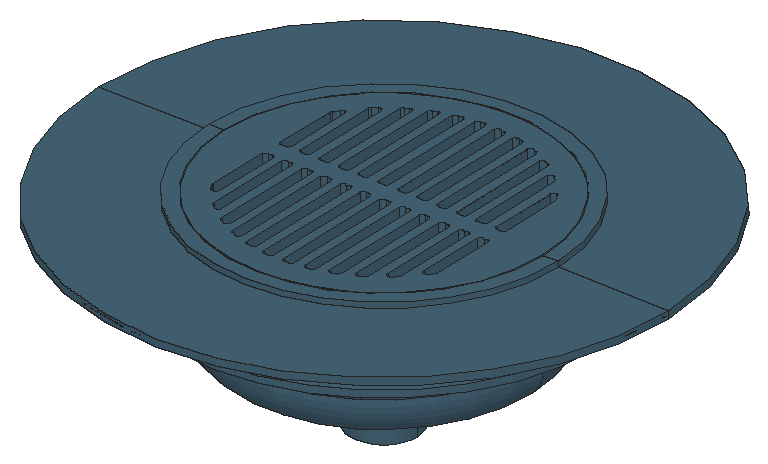
Revit family "Drain_Wide_Flange_12_Inch-Zurn-Z532-Heavy-Duty", category Plumbing Fixtures, Revit 2022
Family settings
  Round Connector Dimension = Use Radius
  Part Type = Normal
  OmniClass Number = 23.70.50.21.24.14
  OmniClass Title = Deck Waste Water Drains
  Work Plane-Based = No
  Always vertical = Yes
  Cut with Voids When Loaded = No
  Maintain Annotation Orientation = No
  Shared = No
  Room Calculation Point = No
Parameters (values of type "Load Family Type Catalog")
  ZN-TOP = no
  Waste Connection = 0 = 0  # yes
  WFU = 1  # constant formula
  Vent Connection = 0 = 1  # no
  URL = "www.zurn.com"
  Type Comments = "Z532-2 Inch-No-Hub Outlet"
  Top Diameter Width = 20.000"
  Top Diameter Inner = 12.250"
  Top Diameter = 9.000"
  Product data url = "https://www.bimobject.com/en/zurnindustries/product/zurn-z532"
  Product Page URL = "https://www.zurn.com/products/drainage-interceptors/floor-drains/finish-floor-drains/z532"
  Product Documentation Link = "https://files.zurn.com/spec-sheets/z532.pdf"
  Frame Dimension = 2.000"
  Frame And Grate = Iron - Zurn - Cast - Painted - Blue
  A_ Pipe Size (Nominal) = 2.000"
  A_ Pipe Size (Actual-Outer) = 2.375"
  Connector Radius = [A_ Pipe Size (Nominal)] / 2  # 1.000"
  Modified Date = "12/19/2025"  # constant formula
  Model = "Z532"
  Manufacurer Brand = "Zurn"  # constant formula
  Manufacturer = "Zurn Water, LLC"  # constant formula
  Body Height_E = 5.250"
  HWFU = 0  # constant formula
  HW Connection = 0 = 1  # no
  Grate Open Area Sq.in = 30.000"  # constant formula
  Description = "12-1/4 [311] DIAMETER WIDE FLANGE HEAVY-DUTY FLOOR DRAIN"  # constant formula
  Default Elevation = 25.000"  # constant formula
  Date Created = "11/13/2018"  # constant formula
  CWFU = 0  # constant formula
  Main Material = Iron - Zurn - Cast - Painted - Blue
  CW Connection = 0 = 1  # no
  Assembly Code = "D2030300"
  Approx. Weight (Lbs) = 54.000"  # constant formula
  A_ Pipe Size (Actual-Inner) = 2.067"
Reference planes (in)
  plane 1 "Center (Front/Back)": y = 0
  plane 2: z = 0
  plane 3 "Center (Left/Right)": x = 0
  plane 4: z = -2
  plane 5: z = -7.25
  plane 6: x = -1.1875
  plane 7: x = 1.1875
  plane 8: z = -4.8125
  plane 9: z = -0.188
  plane 10: z = -4.5625
  plane 11: x = -10
  plane 12: x = 10
  plane 13: x = -7.5
  plane 14: x = 7.5
  plane 15: x = -6.125
  plane 16: x = 6.125
  plane 17: z = -3.35529
  plane 18: z = -3.02595
  plane 19: z = -2.46001
  plane 20: z = -2.23662
  plane 21: through (5.47754, -180, -2.12679) normal (0.9943, 0, -0.107)
  plane 22: through (5.72663, -180, -2.64965) normal (0.9844, 0, -0.176)
  plane 23: z = -2.23662
  plane 24: x = 7.17104
  plane 25: x = 7.28267
  plane 26: z = 0
  plane 27: x = 5.40794
  plane 28: x = 5.625
  plane 29: z = -0.64246
  plane 30: through (5.85328, -180, -0.44885) normal (0.9997, 0, -0.0244)
  plane 31: through (6.3004, -180, -0.85449) normal (-0.0767, 0, 0.9971)
  plane 32: through (9.57691, -180, -0.69928) normal (-0.6812, 0, 0.7321)
  plane 33: z = -0.44885
  plane 34: y = 10
  plane 35: y = -10
  plane 36: y = -6.125
  plane 37: y = 6.125
  plane 38: x = -5.59375
  plane 39: x = 5.59375
  plane 40: y = 5.59375
  plane 41: y = -5.59375
  plane 42: y = 1.1875
  plane 43: y = -1.1875
  plane 44: y = 3.72917
  plane 45: y = 1.86458
  plane 46: y = -1.86458
  plane 47: y = -3.72917
  plane 48: x = -3.72917
  plane 49: x = -1.86458
  plane 50: x = 1.86458
  plane 51: x = 3.72917
Forms (in)
  Extrusion 1, solid, material "Iron - Zurn - Cast - Painted - Blue" <- "Main Material", detail levels fine
    sketch origin (0, 0, 0) x (1, 0, 0) y (0, 1, 0)
      loop
        circle (0, 0) r 1.1875
    from -7.25 to -4.8125
  Extrusion 2, void, detail levels fine
    sketch origin (0, 0, 0) x (0, 1, 0) y (1, 0, 0)
      loop
        circle (0, 0) r 1.0335
    from 4.8125 to 7.25
  Revolve 3, solid, material "Iron - Zurn - Cast - Painted - Blue" <- "Main Material", detail levels fine
    sketch origin (0, 0, 0) x (1, 0, 0) y (0, 0, 1)
      loop
        line (6.15081, -2.46001) -> (7.28267, -2.23662) -> (7.5, -2.23662) -> (7.5, -2) -> (7.17104, -2) -> (6.00188, -2.23662) -> (5.46573, -2.23662) -> (5.34539, -3.35529)
        arc (5.34539, -3.35529) -> (5.13148, -4.19369) -> (4.34875, -4.5625) r 1.015
        line (4.34875, -4.5625) -> (1.1875, -4.5625) -> (1.1875, -4.8125) -> (4.34875, -4.8125)
        arc (4.34875, -4.8125) -> (5.30482, -4.37496) -> (5.59863, -3.36541) r 1.26331
        line (5.59863, -3.36541) -> (5.65934, -3.02595)
        arc (5.65934, -3.02595) -> (5.81441, -2.66424) -> (6.15081, -2.46001) r 0.64488
      axis (0, -2) -> (0, -4.8125)
    angle from 0 to 360
  Revolve 4, solid, material "Iron - Zurn - Cast - Painted - Blue" <- "Main Material", detail levels fine
    sketch origin (0, 0, 0) x (1, 0, 0) y (0, 0, 1)
      loop
        line (6.125, -0.188) -> (6.125, 0) -> (5.625, 0) -> (5.625, -0.64246) -> (5.40794, -0.64246) -> (5.40794, -2.25091) -> (5.80933, -2.25091) -> (5.83984, -0.99989)
        arc (5.83984, -0.99989) -> (5.87474, -0.91565) -> (5.95898, -0.88075) r 0.11914
        line (5.95898, -0.88075) -> (9.69036, -0.59372) -> (9.84606, -0.44885) -> (10, -0.44885) -> (10, -0.188) -> (6.125, -0.188)
      axis (0, 0) -> (0, -2.25091)
    angle from 0 to 360
Cuts and joins
  Extrusion 2 cuts Extrusion 1
Lines and regions (in)
  Masking region 1, detail levels fine
    outline origin (0, 0, 0) x (1, 0, 0) y (0, 1, 0)
      loop
        circle (0, 0) r 10
  model lines, detail levels coarse+medium
    curve 1: line (0, 0, 0) -> (0, 0, -7.25)
    curve 2: line (-1.1875, 0, -7.25) -> (1.1875, 0, -7.25)
    curve 3: line (0, 1.1875, -7.25) -> (0, -1.1875, -7.25)
    curve 4: circle (0, 0, 0) r 6.125 normal (0, 0, 1)
    curve 5: circle (0, 0, 0) r 5.59375 normal (0, 0, 1)
    curve 6: line (-4.16934, 3.72917, 0) -> (4.16934, 3.72917, 0)
    curve 7: line (-5.27384, 1.86458, 0) -> (5.27384, 1.86458, 0)
    curve 8: line (-5.59375, 0, 0) -> (5.59375, 0, 0)
    curve 9: line (-5.27384, -1.86458, 0) -> (5.27384, -1.86458, 0)
    curve 10: line (-4.16934, -3.72917, 0) -> (4.16934, -3.72917, 0)
    curve 11: line (-3.72917, 4.16934, 0) -> (-3.72917, -4.16934, 0)
    curve 12: line (-1.86458, 5.27384, 0) -> (-1.86458, -5.27384, 0)
    curve 13: line (0, 5.59375, 0) -> (0, -5.59375, 0)
    curve 14: line (1.86458, 5.27384, 0) -> (1.86458, -5.27384, 0)
    curve 15: line (3.72917, 4.16934, 0) -> (3.72917, -4.16934, 0)
Dimensions and locks (in)
  "Frame Dimension": level to plane 4
  "Body Height_E": plane 4 to plane 5
  equal spacing: plane 7, plane 3 "Center (Left/Right)", plane 6
  "A_ Pipe Size (Actual-Outer)": plane 7 to plane 6
  plane 8 to plane 5 = 2.4375"
  locked: plane 4 to plane 8 at 2.8125
  plane 10 to plane 8 = 0.250"
  equal spacing: plane 12, plane 3 "Center (Left/Right)", plane 11
  "Top Diameter Width": plane 12 to plane 11
  equal spacing: plane 14, plane 3 "Center (Left/Right)", plane 13
  plane 14 to plane 13 = 15.000"
  equal spacing: plane 16, plane 3 "Center (Left/Right)", plane 15
  "Top Diameter Inner": plane 16 to plane 15
  plane 14 to plane 25 = 0.21733"
  plane 25 to plane 24 = 0.11163"
  plane 4 to plane 23 = 0.23662"
  plane 26 to plane 4 = 2.000"
  plane 16 to plane 28 = 0.500"
  plane 26 to plane 9 = 0.188"
  equal spacing: plane 34, plane 1 "Center (Front/Back)", plane 35
  plane 34 to plane 35 = 20.000"
  equal spacing: plane 37, plane 1 "Center (Front/Back)", plane 36
  "Top Diameter Inner": plane 37 to plane 36
  plane 15 to plane 16 = 12.250"
  equal spacing: plane 38, plane 3 "Center (Left/Right)", plane 39
  plane 38 to plane 39 = 11.1875"
  equal spacing: plane 40, plane 1 "Center (Front/Back)", plane 41
  plane 40 to plane 41 = 11.1875"
  equal spacing: plane 42, plane 1 "Center (Front/Back)", plane 43
  "A_ Pipe Size (Actual-Outer)": plane 42 to plane 43
  plane 40 to plane 44 to plane 45 to plane 1 "Center (Front/Back)" to plane 46 to plane 47 to plane 41 = 1.86458", 1.86458", 1.86458", 1.86458", 1.86458", 1.86458"
  plane 38 to plane 48 to plane 49 to plane 3 "Center (Left/Right)" to plane 50 to plane 51 to plane 39 = 1.86458", 1.86458", 1.86458", 1.86458", 1.86458", 1.86458"
  "A_ Pipe Size (Actual-Outer)": diameter of Extrusion 1 sketch curve
  "A_ Pipe Size (Actual-Inner)": diameter of Extrusion 2 sketch curve
  aligned and locked: plane 2 to level
  aligned and locked: plane 3 "Center (Left/Right)" to Extrusion 1 sketch curve
  aligned and locked: plane 1 "Center (Front/Back)" to Extrusion 1 sketch curve
  aligned and locked: Extrusion 1 to plane 5
  aligned and locked: plane 8 to Extrusion 1
  aligned and locked: plane 3 "Center (Left/Right)" to Extrusion 2 sketch curve
  aligned and locked: plane 1 "Center (Front/Back)" to Extrusion 2 sketch curve
  aligned and locked: plane 8 to Extrusion 2
  aligned and locked: Extrusion 2 to plane 5
  aligned and locked: level to curve 1
  aligned and locked: plane 5 to curve 1
  aligned and locked: curve 1 to plane 3 "Center (Left/Right)"
  aligned and locked: plane 6 to curve 2
  aligned and locked: plane 7 to curve 2
  aligned and locked: curve 2 to plane 5
  aligned and locked: curve 3 to plane 5
  aligned and locked: plane 8 to cut or joined group of Extrusion 1, Extrusion 2
  aligned and locked: cut or joined group of Extrusion 1, Extrusion 2 to plane 5
  aligned and locked: Revolve 3 sketch curve to plane 8
  aligned and locked: plane 10 to Revolve 3 sketch curve
  aligned and locked: Revolve 3 sketch curve to plane 7
  aligned and locked: Revolve 3 sketch curve to plane 3 "Center (Left/Right)"
  aligned and locked: plane 14 to Revolve 3 sketch curve
  aligned and locked: plane 17 to Revolve 3 sketch curve
  aligned and locked: plane 18 to Revolve 3 sketch curve
  aligned and locked: plane 19 to Revolve 3 sketch curve
  aligned and locked: plane 20 to Revolve 3 sketch curve  (x2)
  aligned and locked: plane 21 to Revolve 3 sketch curve
  aligned and locked: plane 22 to Revolve 3 sketch curve
  aligned and locked: plane 23 to Revolve 3 sketch curve
  aligned and locked: plane 4 to Revolve 3 sketch curve
  aligned and locked: plane 24 to Revolve 3 sketch curve
  aligned and locked: plane 25 to Revolve 3 sketch curve
  aligned and locked: plane 12 to Revolve 4 sketch curve
  aligned and locked: plane 9 to Revolve 4 sketch curve
  aligned and locked: plane 26 to Revolve 4 sketch curve
  aligned and locked: plane 28 to Revolve 4 sketch curve
  aligned and locked: plane 27 to Revolve 4 sketch curve
  aligned and locked: plane 16 to Revolve 4 sketch curve
  aligned and locked: plane 29 to Revolve 4 sketch curve
  aligned and locked: Revolve 4 sketch curve to plane 28
  aligned and locked: plane 30 to Revolve 4 sketch curve
  aligned and locked: plane 31 to Revolve 4 sketch curve
  aligned and locked: plane 32 to Revolve 4 sketch curve
  aligned and locked: plane 33 to Revolve 4 sketch curve
  aligned and locked: plane 1 "Center (Front/Back)" to nested 1
  aligned and locked: plane 3 "Center (Left/Right)" to nested 1
  aligned and locked: plane 42 to curve 3
  aligned and locked: plane 43 to curve 3
  aligned and locked: plane 3 "Center (Left/Right)" to curve 4
  aligned and locked: plane 1 "Center (Front/Back)" to curve 4
  aligned and locked: curve 4 to level
  aligned and locked: plane 3 "Center (Left/Right)" to curve 5
  aligned and locked: plane 1 "Center (Front/Back)" to curve 5
  aligned and locked: curve 6 to plane 44
  aligned and locked: curve 7 to plane 45
  aligned and locked: plane 1 "Center (Front/Back)" to curve 8
  aligned and locked: curve 9 to plane 46
  aligned and locked: curve 10 to plane 47
  aligned and locked: curve 11 to plane 48
  aligned and locked: curve 12 to plane 49
  aligned and locked: curve 13 to plane 3 "Center (Left/Right)"
  aligned and locked: curve 14 to plane 50
  aligned and locked: curve 15 to plane 51
  aligned and locked: plane 3 "Center (Left/Right)" to Masking region 1 sketch curve
  aligned and locked: plane 1 "Center (Front/Back)" to Masking region 1 sketch curve
Automatic sketch dimensions
  Revolve 3 sketch curve to plane 16 = 1.77625"
  Revolve 3 sketch curve to Revolve 3 sketch curve = 0.000"
  Revolve 3 sketch curve to plane 17 = 0.01012"
  plane 16 to Revolve 3 sketch curve = 0.02581"
  Revolve 3 sketch curve to plane 18 = 0.06114"
  Revolve 3 sketch curve to plane 16 = 0.12312"
  Revolve 3 sketch curve to plane 5 = 7.48662"
  level to Revolve 3 sketch curve = 4.01338"
  Revolve 4 sketch curve to plane 3 "Center (Left/Right)" = 0.000"
  Revolve 4 sketch curve to plane 16 = 0.16602"
  Revolve 4 sketch curve to plane 4 = 0.25091"
  plane 5 to Revolve 4 sketch curve = 0.73304"
  level to Revolve 4 sketch curve = 4.23304"
  curve 8 to plane 38 = 0.000"
  radius of curve 4 = 6.125"
  radius of Masking region 1 sketch curve = 10.000"
Nested families (in)
  nested 1: "Grate" at (0, 0, 0), Grate <- "Frame And Grate", type "Grate", detail levels fine
    with Grate Iron - Zurn - Cast - Painted - Blue
Connectors (in)
  piping at (0, 0, -7.25), diameter 2, driven by "Connector Radius", driven by "Waste Connection"
    settings: on cut or joined group of Extrusion 1, Extrusion 2, index 1, connector inside diameter 24", connector length 0.000", flow factor 0, pipe flow 0 GPM, pressure drop 0.00 psi, fitting loss kfactor 0, connector angle 0.00°, fixture units 0, engagement length 0.000", angle of deflection 0.00°, flow configuration 0, flow direction 2, fitting loss method 0, system type 16, joint type 0, gender type 0, connector reference index -1, connector utility 1, adjustable connector no, is connector primary yes, connector description "Outlet Connection"
Definition of nested family "Grate"
  Parameters (values of type "Grate")
    URL = "www.zurn.com"
    Product data url = ""
    Product Page URL = ""
    Product Installation Sheet URL = ""
    Product Documentation Link = ""
    Modified Date = ""
    Manufacurer Brand = "Zurn"  # constant formula
    Manufacturer = "Zurn Water, LLC"  # constant formula
    Grate [instance] = none
    Default Elevation = 0.000"
    Date Created = ""
    Approx. Weight (Lbs) = 0.000"
  Reference planes (in)
    plane 1 "Center (Front/Back)": y = 0
    plane 2: z = 0
    plane 3 "Center (Left/Right)": x = 0
    plane 4: x = -5.59375
    plane 5: x = 5.59375
    plane 6: y = 5.59375
    plane 7: y = -5.59375
    plane 8: z = -0.625
  Forms (in)
    Extrusion 1, solid, material <- "Grate"
      sketch origin (0, 0, 0) x (1, 0, 0) y (0, 1, 0)
        loop
          circle (0, 0) r 5.59375
      from 0 to -0.625
    Extrusion 2, void
      sketch origin (0, 0, 0) x (1, 0, 0) y (0, 1, 0)
        loop
          arc (-3.96485, 0.44111) -> (-3.92829, 0.35285) -> (-3.84002, 0.31628) r 0.12483
          line (-3.84002, 0.31628) -> (-3.70779, 0.31628)
          arc (-3.70779, 0.31628) -> (-3.61952, 0.35285) -> (-3.58296, 0.44111) r 0.12483
          line (-3.58296, 0.44111) -> (-3.58296, 2.76801)
          arc (-3.58296, 2.76801) -> (-3.66813, 2.88656) -> (-3.80765, 2.84367) r 0.12508
          line (-3.80765, 2.84367) -> (-3.9433, 2.64994)
          arc (-3.9433, 2.64994) -> (-3.95934, 2.61687) -> (-3.96485, 2.58053) r 0.12256
          line (-3.96485, 2.58053) -> (-3.96485, 0.44111)
        loop
          arc (-3.27735, 0.44111) -> (-3.24079, 0.35285) -> (-3.15252, 0.31628) r 0.12483
          line (-3.15252, 0.31628) -> (-3.02029, 0.31628)
          arc (-3.02029, 0.31628) -> (-2.93202, 0.35285) -> (-2.89546, 0.44111) r 0.12483
          line (-2.89546, 0.44111) -> (-2.89546, 3.50831)
          arc (-2.89546, 3.50831) -> (-2.96945, 3.6223) -> (-3.10369, 3.60112) r 0.1248
          line (-3.10369, 3.60112) -> (-3.23777, 3.48059)
          arc (-3.23777, 3.48059) -> (-3.26703, 3.43913) -> (-3.27735, 3.38944) r 0.12472
          line (-3.27735, 3.38944) -> (-3.27735, 0.44111)
        loop
          arc (-2.58985, 0.44111) -> (-2.55329, 0.35285) -> (-2.46502, 0.31628) r 0.12483
          line (-2.46502, 0.31628) -> (-2.33279, 0.31628)
          arc (-2.33279, 0.31628) -> (-2.24452, 0.35285) -> (-2.20796, 0.44111) r 0.12483
          line (-2.20796, 0.44111) -> (-2.20796, 4.00071)
          arc (-2.20796, 4.00071) -> (-2.27066, 4.10897) -> (-2.39577, 4.10844) r 0.1248
          line (-2.39577, 4.10844) -> (-2.53139, 4.02528)
          arc (-2.53139, 4.02528) -> (-2.57425, 3.98034) -> (-2.58985, 3.92022) r 0.12364
          line (-2.58985, 3.92022) -> (-2.58985, 0.44111)
        loop
          arc (-1.90235, 0.44111) -> (-1.86579, 0.35285) -> (-1.77752, 0.31628) r 0.12483
          line (-1.77752, 0.31628) -> (-1.64529, 0.31628)
          arc (-1.64529, 0.31628) -> (-1.55702, 0.35285) -> (-1.52046, 0.44111) r 0.12483
          line (-1.52046, 0.44111) -> (-1.52046, 4.33076)
          arc (-1.52046, 4.33076) -> (-1.57422, 4.43337) -> (-1.68919, 4.44757) r 0.1248
          line (-1.68919, 4.44757) -> (-1.82554, 4.39248)
          arc (-1.82554, 4.39248) -> (-1.88137, 4.34686) -> (-1.90235, 4.27787) r 0.12391
          line (-1.90235, 4.27787) -> (-1.90235, 0.44111)
        loop
          arc (-1.21485, 0.44111) -> (-1.17829, 0.35285) -> (-1.09002, 0.31628) r 0.12483
          line (-1.09002, 0.31628) -> (-0.95779, 0.31628)
          arc (-0.95779, 0.31628) -> (-0.86952, 0.35285) -> (-0.83296, 0.44111) r 0.12483
          line (-0.83296, 0.44111) -> (-0.83296, 4.53411)
          arc (-0.83296, 4.53411) -> (-0.87931, 4.63117) -> (-0.98393, 4.65613) r 0.1248
          line (-0.98393, 4.65613) -> (-1.11971, 4.62479)
          arc (-1.11971, 4.62479) -> (-1.18821, 4.58081) -> (-1.21485, 4.50388) r 0.12439
          line (-1.21485, 4.50388) -> (-1.21485, 0.44111)
        loop
          arc (-0.52735, 0.44111) -> (-0.49079, 0.35285) -> (-0.40252, 0.31628) r 0.12483
          line (-0.40252, 0.31628) -> (-0.27029, 0.31628)
          arc (-0.27029, 0.31628) -> (-0.18202, 0.35285) -> (-0.14546, 0.44111) r 0.12483
          line (-0.14546, 0.44111) -> (-0.14546, 4.62752)
          arc (-0.14546, 4.62752) -> (-0.18471, 4.71838) -> (-0.27778, 4.75209) r 0.1248
          line (-0.27778, 4.75209) -> (-0.4134, 4.74172)
          arc (-0.4134, 4.74172) -> (-0.49454, 4.70189) -> (-0.52735, 4.61767) r 0.12451
          line (-0.52735, 4.61767) -> (-0.52735, 0.44111)
        loop
          line (-3.96485, -0.41043) -> (-3.96485, -2.54984)
          arc (-3.96485, -2.54984) -> (-3.95934, -2.58618) -> (-3.9433, -2.61925) r 0.12256
          line (-3.9433, -2.61925) -> (-3.80765, -2.81298)
          arc (-3.80765, -2.81298) -> (-3.66813, -2.85587) -> (-3.58296, -2.73732) r 0.12508
          line (-3.58296, -2.73732) -> (-3.58296, -0.41043)
          arc (-3.58296, -0.41043) -> (-3.61952, -0.32216) -> (-3.70779, -0.2856) r 0.12483
          line (-3.70779, -0.2856) -> (-3.84002, -0.2856)
          arc (-3.84002, -0.2856) -> (-3.92829, -0.32216) -> (-3.96485, -0.41043) r 0.12483
        loop
          line (-1.90235, -0.41043) -> (-1.90235, -4.24718)
          arc (-1.90235, -4.24718) -> (-1.88137, -4.31617) -> (-1.82554, -4.3618) r 0.12391
          line (-1.82554, -4.3618) -> (-1.68919, -4.41688)
          arc (-1.68919, -4.41688) -> (-1.57422, -4.40268) -> (-1.52046, -4.30007) r 0.1248
          line (-1.52046, -4.30007) -> (-1.52046, -0.41043)
          arc (-1.52046, -0.41043) -> (-1.55702, -0.32216) -> (-1.64529, -0.2856) r 0.12483
          line (-1.64529, -0.2856) -> (-1.77752, -0.2856)
          arc (-1.77752, -0.2856) -> (-1.86579, -0.32216) -> (-1.90235, -0.41043) r 0.12483
        loop
          line (-1.21485, -0.41043) -> (-1.21485, -4.4732)
          arc (-1.21485, -4.4732) -> (-1.18821, -4.55012) -> (-1.11971, -4.5941) r 0.12439
          line (-1.11971, -4.5941) -> (-0.98393, -4.62545)
          arc (-0.98393, -4.62545) -> (-0.87931, -4.60048) -> (-0.83296, -4.50342) r 0.1248
          line (-0.83296, -4.50342) -> (-0.83296, -0.41043)
          arc (-0.83296, -0.41043) -> (-0.86952, -0.32216) -> (-0.95779, -0.2856) r 0.12483
          line (-0.95779, -0.2856) -> (-1.09002, -0.2856)
          arc (-1.09002, -0.2856) -> (-1.17829, -0.32216) -> (-1.21485, -0.41043) r 0.12483
        loop
          line (-0.52735, -0.41043) -> (-0.52735, -4.58698)
          arc (-0.52735, -4.58698) -> (-0.49454, -4.6712) -> (-0.4134, -4.71104) r 0.12451
          line (-0.4134, -4.71104) -> (-0.27778, -4.7214)
          arc (-0.27778, -4.7214) -> (-0.18471, -4.6877) -> (-0.14546, -4.59683) r 0.1248
          line (-0.14546, -4.59683) -> (-0.14546, -0.41043)
          arc (-0.14546, -0.41043) -> (-0.18202, -0.32216) -> (-0.27029, -0.2856) r 0.12483
          line (-0.27029, -0.2856) -> (-0.40252, -0.2856)
          arc (-0.40252, -0.2856) -> (-0.49079, -0.32216) -> (-0.52735, -0.41043) r 0.12483
        loop
          line (-3.27735, -0.41043) -> (-3.27735, -3.35875)
          arc (-3.27735, -3.35875) -> (-3.26703, -3.40844) -> (-3.23777, -3.4499) r 0.12472
          line (-3.23777, -3.4499) -> (-3.10369, -3.57043)
          arc (-3.10369, -3.57043) -> (-2.96945, -3.59161) -> (-2.89546, -3.47762) r 0.1248
          line (-2.89546, -3.47762) -> (-2.89546, -0.41043)
          arc (-2.89546, -0.41043) -> (-2.93202, -0.32216) -> (-3.02029, -0.2856) r 0.12483
          line (-3.02029, -0.2856) -> (-3.15252, -0.2856)
          arc (-3.15252, -0.2856) -> (-3.24079, -0.32216) -> (-3.27735, -0.41043) r 0.12483
        loop
          line (-2.58985, -0.41043) -> (-2.58985, -3.88954)
          arc (-2.58985, -3.88954) -> (-2.57425, -3.94965) -> (-2.53139, -3.9946) r 0.12364
          line (-2.53139, -3.9946) -> (-2.39577, -4.07775)
          arc (-2.39577, -4.07775) -> (-2.27066, -4.07828) -> (-2.20796, -3.97003) r 0.1248
          line (-2.20796, -3.97003) -> (-2.20796, -0.41043)
          arc (-2.20796, -0.41043) -> (-2.24452, -0.32216) -> (-2.33279, -0.2856) r 0.12483
          line (-2.33279, -0.2856) -> (-2.46502, -0.2856)
          arc (-2.46502, -0.2856) -> (-2.55329, -0.32216) -> (-2.58985, -0.41043) r 0.12483
        loop
          line (1.92364, 0.44111) -> (1.92364, 4.27787)
          arc (1.92364, 4.27787) -> (1.90266, 4.34686) -> (1.84683, 4.39248) r 0.12391
          line (1.84683, 4.39248) -> (1.71048, 4.44757)
          arc (1.71048, 4.44757) -> (1.59551, 4.43337) -> (1.54174, 4.33076) r 0.1248
          line (1.54174, 4.33076) -> (1.54174, 0.44111)
          arc (1.54174, 0.44111) -> (1.5783, 0.35285) -> (1.66657, 0.31628) r 0.12483
          line (1.66657, 0.31628) -> (1.79881, 0.31628)
          arc (1.79881, 0.31628) -> (1.88708, 0.35285) -> (1.92364, 0.44111) r 0.12483
        loop
          line (1.23614, 0.44111) -> (1.23614, 4.50388)
          arc (1.23614, 4.50388) -> (1.2095, 4.58081) -> (1.141, 4.62479) r 0.12439
          line (1.141, 4.62479) -> (1.00521, 4.65613)
          arc (1.00521, 4.65613) -> (0.90059, 4.63117) -> (0.85424, 4.53411) r 0.1248
          line (0.85424, 4.53411) -> (0.85424, 0.44111)
          arc (0.85424, 0.44111) -> (0.8908, 0.35285) -> (0.97907, 0.31628) r 0.12483
          line (0.97907, 0.31628) -> (1.11131, 0.31628)
          arc (1.11131, 0.31628) -> (1.19958, 0.35285) -> (1.23614, 0.44111) r 0.12483
        loop
          line (0.54864, 0.44111) -> (0.54864, 4.61767)
          arc (0.54864, 4.61767) -> (0.51583, 4.70189) -> (0.43468, 4.74172) r 0.12451
          line (0.43468, 4.74172) -> (0.29907, 4.75209)
          arc (0.29907, 4.75209) -> (0.206, 4.71838) -> (0.16674, 4.62752) r 0.1248
          line (0.16674, 4.62752) -> (0.16674, 0.44111)
          arc (0.16674, 0.44111) -> (0.2033, 0.35285) -> (0.29157, 0.31628) r 0.12483
          line (0.29157, 0.31628) -> (0.42381, 0.31628)
          arc (0.42381, 0.31628) -> (0.51208, 0.35285) -> (0.54864, 0.44111) r 0.12483
        loop
          arc (1.92364, -0.41043) -> (1.88708, -0.32216) -> (1.79881, -0.2856) r 0.12483
          line (1.79881, -0.2856) -> (1.66657, -0.2856)
          arc (1.66657, -0.2856) -> (1.5783, -0.32216) -> (1.54174, -0.41043) r 0.12483
          line (1.54174, -0.41043) -> (1.54174, -4.30007)
          arc (1.54174, -4.30007) -> (1.59551, -4.40268) -> (1.71048, -4.41688) r 0.1248
          line (1.71048, -4.41688) -> (1.84683, -4.3618)
          arc (1.84683, -4.3618) -> (1.90266, -4.31617) -> (1.92364, -4.24718) r 0.12391
          line (1.92364, -4.24718) -> (1.92364, -0.41043)
        loop
          arc (1.23614, -0.41043) -> (1.19958, -0.32216) -> (1.11131, -0.2856) r 0.12483
          line (1.11131, -0.2856) -> (0.97907, -0.2856)
          arc (0.97907, -0.2856) -> (0.8908, -0.32216) -> (0.85424, -0.41043) r 0.12483
          line (0.85424, -0.41043) -> (0.85424, -4.50342)
          arc (0.85424, -4.50342) -> (0.90059, -4.60048) -> (1.00521, -4.62545) r 0.1248
          line (1.00521, -4.62545) -> (1.141, -4.5941)
          arc (1.141, -4.5941) -> (1.2095, -4.55012) -> (1.23614, -4.4732) r 0.12439
          line (1.23614, -4.4732) -> (1.23614, -0.41043)
        loop
          arc (0.54864, -0.41043) -> (0.51208, -0.32216) -> (0.42381, -0.2856) r 0.12483
          line (0.42381, -0.2856) -> (0.29157, -0.2856)
          arc (0.29157, -0.2856) -> (0.2033, -0.32216) -> (0.16674, -0.41043) r 0.12483
          line (0.16674, -0.41043) -> (0.16674, -4.59683)
          arc (0.16674, -4.59683) -> (0.206, -4.6877) -> (0.29907, -4.7214) r 0.1248
          line (0.29907, -4.7214) -> (0.43468, -4.71104)
          arc (0.43468, -4.71104) -> (0.51583, -4.6712) -> (0.54864, -4.58698) r 0.12451
          line (0.54864, -4.58698) -> (0.54864, -0.41043)
        loop
          line (3.98614, 0.44111) -> (3.98614, 2.58053)
          arc (3.98614, 2.58053) -> (3.98063, 2.61687) -> (3.96459, 2.64994) r 0.12256
          line (3.96459, 2.64994) -> (3.82894, 2.84367)
          arc (3.82894, 2.84367) -> (3.68941, 2.88656) -> (3.60424, 2.76801) r 0.12508
          line (3.60424, 2.76801) -> (3.60424, 0.44111)
          arc (3.60424, 0.44111) -> (3.6408, 0.35285) -> (3.72907, 0.31628) r 0.12483
          line (3.72907, 0.31628) -> (3.86131, 0.31628)
          arc (3.86131, 0.31628) -> (3.94958, 0.35285) -> (3.98614, 0.44111) r 0.12483
        loop
          arc (3.98614, -0.41043) -> (3.94958, -0.32216) -> (3.86131, -0.2856) r 0.12483
          line (3.86131, -0.2856) -> (3.72907, -0.2856)
          arc (3.72907, -0.2856) -> (3.6408, -0.32216) -> (3.60424, -0.41043) r 0.12483
          line (3.60424, -0.41043) -> (3.60424, -2.73732)
          arc (3.60424, -2.73732) -> (3.68941, -2.85587) -> (3.82894, -2.81298) r 0.12508
          line (3.82894, -2.81298) -> (3.96459, -2.61925)
          arc (3.96459, -2.61925) -> (3.98063, -2.58618) -> (3.98614, -2.54984) r 0.12256
          line (3.98614, -2.54984) -> (3.98614, -0.41043)
        loop
          line (3.29864, 0.44111) -> (3.29864, 3.38944)
          arc (3.29864, 3.38944) -> (3.28831, 3.43913) -> (3.25905, 3.48059) r 0.12472
          line (3.25905, 3.48059) -> (3.12498, 3.60112)
          arc (3.12498, 3.60112) -> (2.99074, 3.6223) -> (2.91674, 3.50831) r 0.1248
          line (2.91674, 3.50831) -> (2.91674, 0.44111)
          arc (2.91674, 0.44111) -> (2.9533, 0.35285) -> (3.04157, 0.31628) r 0.12483
          line (3.04157, 0.31628) -> (3.17381, 0.31628)
          arc (3.17381, 0.31628) -> (3.26208, 0.35285) -> (3.29864, 0.44111) r 0.12483
        loop
          arc (3.29864, -0.41043) -> (3.26208, -0.32216) -> (3.17381, -0.2856) r 0.12483
          line (3.17381, -0.2856) -> (3.04157, -0.2856)
          arc (3.04157, -0.2856) -> (2.9533, -0.32216) -> (2.91674, -0.41043) r 0.12483
          line (2.91674, -0.41043) -> (2.91674, -3.47762)
          arc (2.91674, -3.47762) -> (2.99074, -3.59161) -> (3.12498, -3.57043) r 0.1248
          line (3.12498, -3.57043) -> (3.25905, -3.4499)
          arc (3.25905, -3.4499) -> (3.28831, -3.40844) -> (3.29864, -3.35875) r 0.12472
          line (3.29864, -3.35875) -> (3.29864, -0.41043)
        loop
          line (2.61114, 0.44111) -> (2.61114, 3.92022)
          arc (2.61114, 3.92022) -> (2.59554, 3.98034) -> (2.55268, 4.02528) r 0.12364
          line (2.55268, 4.02528) -> (2.41705, 4.10844)
          arc (2.41705, 4.10844) -> (2.29195, 4.10897) -> (2.22924, 4.00071) r 0.1248
          line (2.22924, 4.00071) -> (2.22924, 0.44111)
          arc (2.22924, 0.44111) -> (2.2658, 0.35285) -> (2.35407, 0.31628) r 0.12483
          line (2.35407, 0.31628) -> (2.48631, 0.31628)
          arc (2.48631, 0.31628) -> (2.57458, 0.35285) -> (2.61114, 0.44111) r 0.12483
        loop
          arc (2.61114, -0.41043) -> (2.57458, -0.32216) -> (2.48631, -0.2856) r 0.12483
          line (2.48631, -0.2856) -> (2.35407, -0.2856)
          arc (2.35407, -0.2856) -> (2.2658, -0.32216) -> (2.22924, -0.41043) r 0.12483
          line (2.22924, -0.41043) -> (2.22924, -3.97003)
          arc (2.22924, -3.97003) -> (2.29195, -4.07828) -> (2.41705, -4.07775) r 0.1248
          line (2.41705, -4.07775) -> (2.55268, -3.9946)
          arc (2.55268, -3.9946) -> (2.59554, -3.94965) -> (2.61114, -3.88954) r 0.12364
          line (2.61114, -3.88954) -> (2.61114, -0.41043)
      from 0 to -0.625
  Cuts and joins
    Extrusion 2 cuts Extrusion 1
  Dimensions and locks (in)
    equal spacing: plane 4, plane 3 "Center (Left/Right)", plane 5
    plane 4 to plane 5 = 11.1875"
    equal spacing: plane 6, plane 1 "Center (Front/Back)", plane 7
    plane 6 to plane 7 = 11.1875"
    level to plane 8 = 0.625"
    aligned and locked: plane 2 to level
    aligned and locked: plane 3 "Center (Left/Right)" to Extrusion 1 sketch curve
    aligned and locked: plane 1 "Center (Front/Back)" to Extrusion 1 sketch curve
    aligned and locked: Extrusion 1 to level
    aligned and locked: Extrusion 1 to plane 8
    aligned and locked: Extrusion 2 to level
    aligned and locked: Extrusion 2 to plane 8
  Automatic sketch dimensions
    Extrusion 2 sketch curve to plane 1 "Center (Front/Back)" = 0.44111"
    plane 4 to Extrusion 2 sketch curve = 1.6289"  (x2)
    Extrusion 2 sketch curve to Extrusion 2 sketch curve = 0.02155"  (x4)
    Extrusion 2 sketch curve to Extrusion 2 sketch curve = 0.10101"  (x4)
    Extrusion 2 sketch curve to Extrusion 2 sketch curve = 0.12483"  (x38)
    Extrusion 2 sketch curve to Extrusion 2 sketch curve = 0.13565"  (x2)
    Extrusion 2 sketch curve to Extrusion 2 sketch curve = 0.09961"  (x4)
    Extrusion 2 sketch curve to Extrusion 2 sketch curve = 0.13224"  (x24)
    Extrusion 2 sketch curve to Extrusion 2 sketch curve = 0.12508"  (x3)
    Extrusion 2 sketch curve to Extrusion 2 sketch curve = 0.30561"  (x20)
    Extrusion 2 sketch curve to Extrusion 2 sketch curve = 0.03959"  (x3)
    Extrusion 2 sketch curve to Extrusion 2 sketch curve = 0.12472"
    Extrusion 2 sketch curve to Extrusion 2 sketch curve = 0.08514"  (x3)
    Extrusion 2 sketch curve to Extrusion 2 sketch curve = 0.13408"  (x2)
    Extrusion 2 sketch curve to Extrusion 2 sketch curve = 0.08343"  (x4)
    Extrusion 2 sketch curve to plane 6 = 1.56847"  (x2)
    Extrusion 2 sketch curve to Extrusion 2 sketch curve = 0.05846"  (x3)
    plane 7 to Extrusion 2 sketch curve = 1.59915"  (x2)
    Extrusion 2 sketch curve to Extrusion 2 sketch curve = 0.06518"  (x4)
    Extrusion 2 sketch curve to Extrusion 2 sketch curve = 0.13563"  (x2)
    Extrusion 2 sketch curve to Extrusion 2 sketch curve = 0.06301"  (x4)
    plane 7 to Extrusion 2 sketch curve = 1.23195"
    Extrusion 2 sketch curve to Extrusion 2 sketch curve = 0.07681"  (x2)
    Extrusion 2 sketch curve to plane 6 = 1.20127"  (x2)
    Extrusion 2 sketch curve to Extrusion 2 sketch curve = 0.12391"  (x3)
    Extrusion 2 sketch curve to Extrusion 2 sketch curve = 0.13635"  (x2)
    Extrusion 2 sketch curve to Extrusion 2 sketch curve = 0.04393"  (x4)
    Extrusion 2 sketch curve to Extrusion 2 sketch curve = 0.09514"  (x2)
    Extrusion 2 sketch curve to Extrusion 2 sketch curve = 0.12439"  (x4)
    Extrusion 2 sketch curve to Extrusion 2 sketch curve = 0.13578"  (x2)
    Extrusion 2 sketch curve to Extrusion 2 sketch curve = 0.02617"  (x4)
    Extrusion 2 sketch curve to Extrusion 2 sketch curve = 0.11395"  (x2)
    Extrusion 2 sketch curve to Extrusion 2 sketch curve = 0.12451"  (x3)
    Extrusion 2 sketch curve to Extrusion 2 sketch curve = 0.13562"  (x2)
    Extrusion 2 sketch curve to Extrusion 2 sketch curve = 0.00753"  (x4)
    Extrusion 2 sketch curve to Extrusion 2 sketch curve = 0.1248"  (x11)
    plane 3 "Center (Left/Right)" to Extrusion 2 sketch curve = 0.16674"  (x2)
    Extrusion 2 sketch curve to Extrusion 2 sketch curve = 0.13259"  (x2)
    Extrusion 2 sketch curve to Extrusion 2 sketch curve = 0.01055"  (x2)
    Extrusion 2 sketch curve to Extrusion 2 sketch curve = 0.13271"  (x2)
    Extrusion 2 sketch curve to Extrusion 2 sketch curve = 0.02925"  (x2)
    Extrusion 2 sketch curve to Extrusion 2 sketch curve = 0.13318"  (x2)
    Extrusion 2 sketch curve to Extrusion 2 sketch curve = 0.0471"  (x2)
    Extrusion 2 sketch curve to Extrusion 2 sketch curve = 0.13346"  (x2)
    Extrusion 2 sketch curve to Extrusion 2 sketch curve = 0.13237"  (x2)
    Extrusion 2 sketch curve to Extrusion 2 sketch curve = 0.13425"  (x2)
    Extrusion 2 sketch curve to Extrusion 2 sketch curve = 0.05509"  (x2)
    Extrusion 2 sketch curve to Extrusion 2 sketch curve = 0.52735"
    Extrusion 2 sketch curve to Extrusion 2 sketch curve = 0.17312"  (x4)
    Extrusion 2 sketch curve to Extrusion 2 sketch curve = 0.03023"  (x4)
    Extrusion 2 sketch curve to Extrusion 2 sketch curve = 0.08356"  (x4)
    Extrusion 2 sketch curve to Extrusion 2 sketch curve = 0.00985"  (x4)
    Extrusion 2 sketch curve to Extrusion 2 sketch curve = 0.08315"  (x2)
    Extrusion 2 sketch curve to Extrusion 2 sketch curve = 0.3191"  (x2)
    Extrusion 2 sketch curve to Extrusion 2 sketch curve = 0.12053"  (x2)
    Extrusion 2 sketch curve to Extrusion 2 sketch curve = 0.54577"  (x2)
    Extrusion 2 sketch curve to Extrusion 2 sketch curve = 0.19373"  (x2)
    plane 1 "Center (Front/Back)" to Extrusion 2 sketch curve = 0.41043"  (x7)
    Extrusion 2 sketch curve to Extrusion 2 sketch curve = 0.000"  (x5)
    Extrusion 2 sketch curve to plane 1 "Center (Front/Back)" = 0.31628"  (x11)
    Extrusion 2 sketch curve to Extrusion 2 sketch curve = 1.33969"  (x2)
    Extrusion 2 sketch curve to Extrusion 2 sketch curve = 0.18748"  (x2)
    Extrusion 2 sketch curve to Extrusion 2 sketch curve = 0.62143"  (x2)
    Extrusion 2 sketch curve to Extrusion 2 sketch curve = 0.11887"  (x2)
    Extrusion 2 sketch curve to Extrusion 2 sketch curve = 0.08049"  (x2)
    Extrusion 2 sketch curve to Extrusion 2 sketch curve = 0.05289"  (x2)
    radius of Extrusion 1 sketch curve = 5.59375"
Types in the file's own list only (18): name | Type Comments | Top Diameter Width | Top Diameter Inner | Top Diameter | Frame Dimension | Frame And Grate | A_ Pipe Size (Nominal) | A_ Pipe Size (Actual-Outer) | Connector Radius | Model | Body Height_E | Grate Open Area Sq.in | Default Elevation | Approx. Weight (Lbs) | A_ Pipe Size (Actual-Inner)
  Z532-2NH | "Z532-2 Inch-No-Hub Outlet" | 20.000 " | 12.250 " | 9.000 " | 2.000 " | Iron - Zurn - Cast - Painted - Blue | 2.000 " | 2.375 " | 1.000 " | "Z532" | 5.250 " | 30.000 " | 25.000 " | 54.000 " | 2.067 "
  Z532-2NL | "Z532-2 Inch-Neo-Loc Outlet" | 20.000 " | 12.250 " | 9.000 " | 2.000 " | Iron - Zurn - Cast - Painted - Blue | 2.000 " | 2.375 " | 1.000 " | "Z532" | 4.500 " | 30.000 " | 25.000 " | 54.000 " | 2.067 "
  Z532-3IC | "Z532-3 Inch-Inside Caulk Outlet" | 20.000 " | 12.250 " | 9.000 " | 2.000 " | Iron - Zurn - Cast - Painted - Blue | 3.000 " | 3.500 " | 1.500 " | "Z532" | 5.250 " | 30.000 " | 25.000 " | 54.000 " | 3.068 "
  Z532-3NH | "Z532-3 Inch-No-Hub Outlet" | 20.000 " | 12.250 " | 9.000 " | 2.000 " | Iron - Zurn - Cast - Painted - Blue | 3.000 " | 3.500 " | 1.500 " | "Z532" | 5.250 " | 30.000 " | 25.000 " | 54.000 " | 3.068 "
  Z532-3NL | "Z532-3 Inch-Neo-Loc Outlet" | 20.000 " | 12.250 " | 9.000 " | 2.000 " | Iron - Zurn - Cast - Painted - Blue | 3.000 " | 3.500 " | 1.500 " | "Z532" | 4.500 " | 30.000 " | 25.000 " | 54.000 " | 3.068 "
  Z532-4IC | "Z532-4 Inch-Inside Caulk Outlet" | 20.000 " | 12.250 " | 9.000 " | 2.000 " | Iron - Zurn - Cast - Painted - Blue | 4.000 " | 4.500 " | 2.000 " | "Z532" | 5.250 " | 30.000 " | 25.000 " | 54.000 " | 4.026 "
  Z532-4NH | "Z532-4 Inch-No-Hub Outlet" | 20.000 " | 12.250 " | 9.000 " | 2.000 " | Iron - Zurn - Cast - Painted - Blue | 4.000 " | 4.500 " | 2.000 " | "Z532" | 5.250 " | 30.000 " | 25.000 " | 54.000 " | 4.026 "
  Z532-4NL | "Z532-4 Inch-Neo-Loc Outlet" | 20.000 " | 12.250 " | 9.000 " | 2.000 " | Iron - Zurn - Cast - Painted - Blue | 4.000 " | 4.500 " | 2.000 " | "Z532" | 4.500 " | 30.000 " | 25.000 " | 54.000 " | 4.026 "
  Z532-6NH | "Z532-6 Inch-No-Hub Outlet" | 20.000 " | 12.250 " | 9.000 " | 2.000 " | Iron - Zurn - Cast - Painted - Blue | 6.000 " | 6.625 " | 3.000 " | "Z532" | 5.250 " | 30.000 " | 25.000 " | 54.000 " | 6.065 "
  ZN532-2NH | "ZN532-2 Inch-No-Hub Outlet" | 20.000 " | 12.250 " | 9.000 " | 2.000 " | Bronze - Zurn - Polished Nickel | 2.000 " | 2.375 " | 1.000 " | "ZN532" | 5.250 " | 30.000 " | 25.000 " | 54.000 " | 2.067 "
  ZN532-2NL | "ZN532-2 Inch-Neo-Loc Outlet" | 20.000 " | 12.250 " | 9.000 " | 2.000 " | Bronze - Zurn - Polished Nickel | 2.000 " | 2.375 " | 1.000 " | "ZN532" | 4.500 " | 30.000 " | 25.000 " | 54.000 " | 2.067 "
  ZN532-3IC | "ZN532-3 Inch-Inside Caulk Outlet" | 20.000 " | 12.250 " | 9.000 " | 2.000 " | Bronze - Zurn - Polished Nickel | 3.000 " | 3.500 " | 1.500 " | "ZN532" | 5.250 " | 30.000 " | 25.000 " | 54.000 " | 3.068 "
  ZN532-3NH | "ZN532-3 Inch-No-Hub Outlet" | 20.000 " | 12.250 " | 9.000 " | 2.000 " | Bronze - Zurn - Polished Nickel | 3.000 " | 3.500 " | 1.500 " | "ZN532" | 5.250 " | 30.000 " | 25.000 " | 54.000 " | 3.068 "
  ZN532-3NL | "ZN532-3 Inch-Neo-Loc Outlet" | 20.000 " | 12.250 " | 9.000 " | 2.000 " | Bronze - Zurn - Polished Nickel | 3.000 " | 3.500 " | 1.500 " | "ZN532" | 4.500 " | 30.000 " | 25.000 " | 54.000 " | 3.068 "
  ZN532-4IC | "ZN532-4 Inch-Inside Caulk Outlet" | 20.000 " | 12.250 " | 9.000 " | 2.000 " | Bronze - Zurn - Polished Nickel | 4.000 " | 4.500 " | 2.000 " | "ZN532" | 5.250 " | 30.000 " | 25.000 " | 54.000 " | 4.026 "
  ZN532-4NH | "ZN532-4 Inch-No-Hub Outlet" | 20.000 " | 12.250 " | 9.000 " | 2.000 " | Bronze - Zurn - Polished Nickel | 4.000 " | 4.500 " | 2.000 " | "ZN532" | 5.250 " | 30.000 " | 25.000 " | 54.000 " | 4.026 "
  ZN532-4NL | "ZN532-4 Inch-Neo-Loc Outlet" | 20.000 " | 12.250 " | 9.000 " | 2.000 " | Bronze - Zurn - Polished Nickel | 4.000 " | 4.500 " | 2.000 " | "ZN532" | 4.500 " | 30.000 " | 25.000 " | 54.000 " | 4.026 "
  ZN532-6NH | "ZN532-6 Inch-No-Hub Outlet" | 20.000 " | 12.250 " | 9.000 " | 2.000 " | Bronze - Zurn - Polished Nickel | 6.000 " | 6.625 " | 3.000 " | "ZN532" | 5.250 " | 30.000 " | 25.000 " | 54.000 " | 6.065 "
